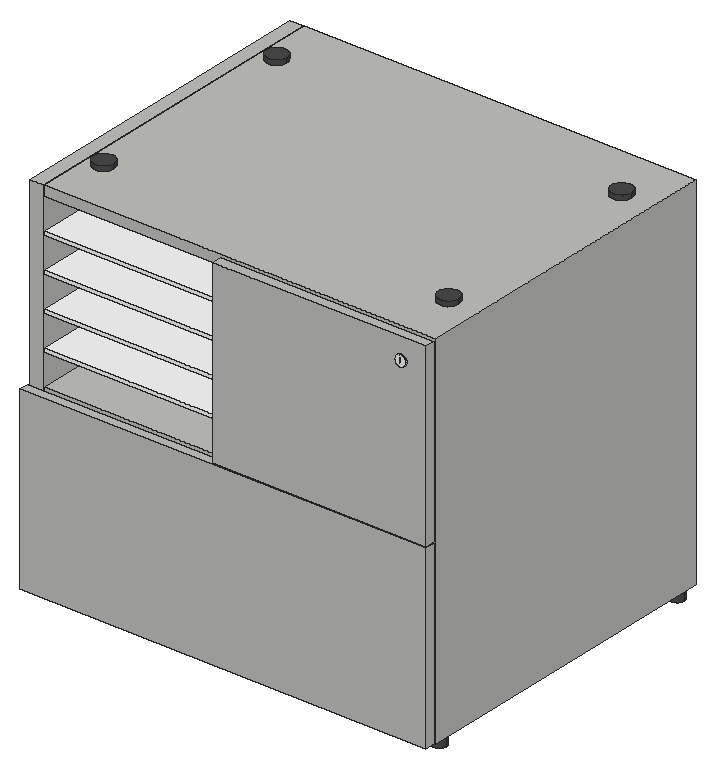
Revit family "Storage-Freestanding-Teknion-JNFCP-Combo_Pedestal-R2015", category Furniture, Revit 2016
Family settings
  OmniClass Number = 23.40.20.00
  OmniClass Title = General Furniture and Specialties
  Work Plane-Based = No
  Always vertical = Yes
  Cut with Voids When Loaded = No
  Shared = Yes
  Room Calculation Point = No
Parameters (values of type "Solid, Shelves, Files")
  Worksurface Offset Attachment [instance] = if(Depth = 18.000", 4.501", 2.250")  # 2.250"
  Warranty = "http://www.teknion.com/ca/papers/legal-canada"
  Unit Weight URL = "http://www.teknion.com/ca/tools/assets#&asset=bee6a381-b954-425e-8283-5a2de3a804f2,f828d448-4b62-4231-9e5f-9a8991c0ed77"
  URL = "www.teknion.com"
  Sustainability Data = "http://www.teknion.com/ca/tools/assets#&topic=216f99a5-57a0-44fc-b10a-9dee9b29ae4c&asset=444deb64-fe58-4b68-981e-f75e97781df7"
  Shelves Visibility = yes
  Shelf Finish [instance] = Mica - Teknion - V - Satin - Very White
  Series = "Cityline"  # constant formula
  Product Page URL = "https://www.teknion.com/ca/products/product-details?productlineid=9ad2a26e-8e7a-673b-a6c8-ff05004460c4"
  Product Line = "Cityline"  # constant formula
  Product Documentation Link = "https://www.teknion.com/pricing/expansion-cityline/pdfs/JNFCP_ppg.pdf"
  Part Number = "JNFCP"  # constant formula
  Model = "JNFCPSS_3028_"
  Manufacturer Phone = "416-661-3370"  # constant formula
  Manufacturer Fax = "416.661.4586"  # constant formula
  Manufacturer Contact Information = "http://www.teknion.com/ca/contactus"
  Manufacturer Address = "1150 Flint Road, Toronto, ON. M3J 2J5. Canada"  # constant formula
  Manufacturer = "Teknion"  # constant formula
  Front Finish = Source Laminate - Teknion - RV - Very White
  Front Drawer Thickness = 0.70079"
  Freestanding Application [instance] = not(Attached to Worksurface)  # no
  Description = "Combo Pedestal, Solid, Shelves, Files, 30\" Width, 28\" Height"
  Depth [instance] = 24.000"
  Case Finish [instance] = Source Laminate - Teknion - RV - Very White
  Available Depths [instance] = if(Freestanding Application, "24 inches.", "18, 24 inches.")  # "18, 24 inches."
  Attached to Worksurface [instance] = yes
  Assembly Code = "E2020200"
  Actual Depth [instance] = if(Depth = 24.000", 24.000", if(and(Depth = 18.000", Freestanding Application), 24.000", if(and(Depth = 18.000", Attached to Worksurface), 17.102", 17.102")))  # 24.000"
Types (5): name | Shelves Visibility | Model | Front Finish | Front Drawer Thickness | Description
  (no name) | yes | "JNFCPSS_3028_" | Source Laminate - Teknion - RV - Very White | 0.70079" | "Combo Pedestal, Solid, Shelves, Files, 30\" Width, 28\" Height"
  Solid, Open, Files | no | "JNFCPSO_3028_" | Source Laminate - Teknion - RV - Very White | 0.70079" | "Combo Pedestal, Solid, Open, Files, 30\" Width, 28\" Height"
  Solid, Shelves, Files | yes | "JNFCPSS_3028_" | Source Laminate - Teknion - RV - Very White | 0.70079" | "Combo Pedestal, Solid, Shelves, Files, 30\" Width, 28\" Height"
  Metal, Open, Files | no | "JNFCPMO_3028_" | Mica - Teknion - V - Satin - Very White | 0.118" | "Combo Pedestal, Metal, Open, Files, 30\" Width, 28\" Height"
  Metal, Shelves, Files | yes | "JNFCPMS_3028_" | Mica - Teknion - V - Satin - Very White | 0.118" | "Combo Pedestal, Metal, Shelves, Files, 30\" Width, 28\" Height"
Reference planes (in)
  plane 1 "Center Front/Back": y = 2.9838
  plane 2: z = 0
  plane 3 "Center Left/Right": x = 0
  plane 4 "Left": x = -15
  plane 5 "Right": x = 15
  plane 6 "Back": y = 14.9838
  plane 7 "Front": y = -9.0162
  plane 8 "Top": z = 27.48031
  plane 9: x = -13.98425
  plane 10: z = 0.60236
  plane 11: z = 14.10039
  plane 12: x = -0.81496
  plane 13: z = 26.74016
  plane 14: y = 14.24364
  plane 15: y = -9.21305
  plane 16: y = -9.91384
  plane 17: y = -9.9729
  plane 18: z = 13.98228
  plane 19: z = 24.15866
  plane 20: z = 24.42638
  plane 21: z = 25.15866
  plane 22: z = 21.57717
  plane 23: z = 21.84488
  plane 24: z = 22.57717
  plane 25: z = 18.99567
  plane 26: z = 19.26339
  plane 27: z = 19.99567
  plane 28: z = 16.41417
  plane 29: z = 16.68189
  plane 30: z = 17.41417
  plane 31: y = 7.346
  plane 32: y = 7.29876
  plane 33: z = 27.81031
  plane 34: z = 27.3622
  plane 35: z = 0.72047
  plane 36: x = -0.75591
Forms (in)
  Extrusion 1, solid, material "Source Laminate - Teknion - RV - Very White" <- "Case Finish"
    sketch origin (0, 0, 0) x (1, 0, 0) y (0, 1, 0)
      loop
        line (-13.98425, -9.0162) -> (-13.98425, 14.9838) -> (-15, 14.9838) -> (-15, -9.0162) -> (-13.98425, -9.0162)
    from 0.60236 to 27.48031
  Extrusion 2, solid, material "Source Laminate - Teknion - RV - Very White" <- "Case Finish"
    sketch origin (0, 2.9838, 0) x (1, 0, 0) y (0, 0, 1)
      loop
        line (-13.98425, 0.60236) -> (15, 0.60236) -> (15, 27.48031) -> (-13.98425, 27.48031) -> (-13.98425, 0.60236)
    from -12 to 12
  Extrusion 3, void
    sketch origin (0, 2.9838, 0) x (1, 0, 0) y (0, 0, 1)
      loop
        line (-0.81496, 26.74016) -> (-13.98425, 26.74016) -> (-13.98425, 14.10039) -> (-0.81496, 14.10039) -> (-0.81496, 26.74016)
    from -11.25984 to 12
  Extrusion 4, solid, material "Source Laminate - Teknion - RV - Very White" <- "Front Finish"
    sketch origin (0, 0, 0) x (1, 0, 0) y (0, 1, 0)
      loop
        line (-15, -9.21305) -> (-15, -9.91384) -> (15, -9.91384) -> (15, -9.21305) -> (-15, -9.21305)
    from 0.72047 to 13.98228
  Extrusion 5, solid, material "Paint - Teknion - C - Chrome"
    sketch origin (0, 2.9838, 0) x (1, 0, 0) y (0, 0, 1)
      loop
        line (13.2185, 25.97441) -> (13.12007, 25.97441) -> (13.12007, 25.60039) -> (13.2185, 25.60039) -> (13.2185, 25.97441)
      loop
        circle (13.16929, 25.7874) r 0.395
    from 12.95669 to 12.89764
  Extrusion 6, solid, material "Source Laminate - Teknion - RV - Very White" <- "Front Finish"
    sketch origin (0, 0, 0) x (1, 0, 0) y (0, 1, 0)
      loop
        line (-0.75591, -9.21305) -> (-0.75591, -9.91384) -> (15, -9.91384) -> (15, -9.21305) -> (-0.75591, -9.21305)
    from 14.10039 to 27.3622
  Extrusion 7, solid, material "Mica - Teknion - V - Satin - Very White" <- "Shelf Finish", visible <- "Shelves Visibility"
    sketch origin (0, 0, 0) x (0, 1, 0) y (0, 0, 1)
      loop
        line (7.29876, 25.15866) -> (7.29876, 24.42638) -> (-9.0162, 24.42638) -> (-9.0162, 24.15866) -> (7.346, 24.15866) -> (7.346, 25.15866) -> (7.29876, 25.15866)
      loop
        line (-9.0162, 21.57717) -> (7.346, 21.57717) -> (7.346, 22.57717) -> (7.29876, 22.57717) -> (7.29876, 21.84488) -> (-9.0162, 21.84488) -> (-9.0162, 21.57717)
      loop
        line (7.346, 19.99567) -> (7.29876, 19.99567) -> (7.29876, 19.26339) -> (-9.0162, 19.26339) -> (-9.0162, 18.99567) -> (7.346, 18.99567) -> (7.346, 19.99567)
      loop
        line (7.29876, 17.41417) -> (7.29876, 16.68189) -> (-9.0162, 16.68189) -> (-9.0162, 16.41417) -> (7.346, 16.41417) -> (7.346, 17.41417) -> (7.29876, 17.41417)
    from -13.98425 to -0.81496
  Extrusion 8, solid, material "Paint - Teknion - 52 - Ebony", visible <- "Attached to Worksurface"
    sketch origin (0, 0, 0) x (1, 0, 0) y (0, 1, 0)
      loop
        circle (-12.75, 10.98373) r 0.75
      loop
        circle (12.75, 10.98373) r 0.75
      loop
        circle (-12.75, -5.01614) r 0.75
      loop
        circle (12.75, -5.01614) r 0.75
    from 27.48031 to 27.81031
  Extrusion 9, solid, material "Paint - Teknion - 52 - Ebony"
    sketch origin (0, 0, 0) x (1, 0, 0) y (0, 1, 0)
      loop
        circle (14.48802, -8.01664) r 0.5
      loop
        circle (-14.48802, -8.01664) r 0.5
      loop
        circle (14.48802, 13.98423) r 0.5
      loop
        circle (-14.48802, 13.98423) r 0.5
    from 0 to 0.60236
Cuts and joins
  Extrusion 3 cuts Extrusion 1
  Extrusion 3 cuts Extrusion 2
Lines and regions (in)
  Masking region 1
    outline origin (0, 0, 0) x (1, 0, 0) y (0, 1, 0)
      loop
        line (-15, 14.9838) -> (-15, -9.0162) -> (15, -9.0162) -> (15, 14.9838) -> (-15, 14.9838)
  Masking region 2
    outline origin (0, 0, 0) x (1, 0, 0) y (0, 1, 0)
      loop
        line (-15, -9.21305) -> (-15, -9.91384) -> (15, -9.91384) -> (15, -9.21305) -> (-15, -9.21305)
  Masking region 3
    outline origin (0, 0, 0) x (1, 0, 0) y (0, 1, 0)
      loop
        line (12.77429, -9.9729) -> (13.56429, -9.9729) -> (13.56429, -9.91384) -> (12.77429, -9.91384) -> (12.77429, -9.9729)
  symbolic lines
    curve 1: line (-13.98425, 14.9838, 0) -> (-13.98425, -9.0162, 0)
    curve 22: line (-0.75591, -9.21305, 0) -> (-0.75591, -9.91384, 0)
  symbolic lines, style "FurnitureHiddenLines", detail levels fine
    curve 2: arc (-14.98802, -8.01664, 0) -> (-14.48802, -8.51664, 0) -> (-13.98802, -8.01664, 0) r 0.5
    curve 3: arc (-13.98802, -8.01664, 0) -> (-14.48802, -7.51664, 0) -> (-14.98802, -8.01664, 0) r 0.5
    curve 4: arc (-14.98802, 13.98423, 0) -> (-14.48802, 13.48423, 0) -> (-13.98802, 13.98423, 0) r 0.5
    curve 5: arc (-13.98802, 13.98423, 0) -> (-14.48802, 14.48423, 0) -> (-14.98802, 13.98423, 0) r 0.5
    curve 6: arc (13.98802, 13.98423, 0) -> (14.48802, 13.48423, 0) -> (14.98802, 13.98423, 0) r 0.5
    curve 7: arc (14.98802, 13.98423, 0) -> (14.48802, 14.48423, 0) -> (13.98802, 13.98423, 0) r 0.5
    curve 8: arc (13.98802, -8.01664, 0) -> (14.48802, -8.51664, 0) -> (14.98802, -8.01664, 0) r 0.5
    curve 9: arc (14.98802, -8.01664, 0) -> (14.48802, -7.51664, 0) -> (13.98802, -8.01664, 0) r 0.5
  symbolic lines, visible <- "Attached to Worksurface"
    curve 10: arc (-13.5, 10.98373, 0) -> (-12.75, 10.23373, 0) -> (-12, 10.98373, 0) r 0.75
    curve 11: arc (-12, 10.98373, 0) -> (-12.75, 11.73373, 0) -> (-13.5, 10.98373, 0) r 0.75
    curve 12: arc (12, 10.98373, 0) -> (12.75, 10.23373, 0) -> (13.5, 10.98373, 0) r 0.75
    curve 13: arc (13.5, 10.98373, 0) -> (12.75, 11.73373, 0) -> (12, 10.98373, 0) r 0.75
    curve 14: arc (-13.5, -5.01614, 0) -> (-12.75, -5.76614, 0) -> (-12, -5.01614, 0) r 0.75
    curve 15: arc (-12, -5.01614, 0) -> (-12.75, -4.26614, 0) -> (-13.5, -5.01614, 0) r 0.75
    curve 16: arc (12, -5.01614, 0) -> (12.75, -5.76614, 0) -> (13.5, -5.01614, 0) r 0.75
    curve 17: arc (13.5, -5.01614, 0) -> (12.75, -4.26614, 0) -> (12, -5.01614, 0) r 0.75
  symbolic lines, style "FurnitureHiddenLines", detail levels medium+fine
    curve 18: line (-0.81496, -9.0162, 0) -> (-0.81496, 14.24364, 0)
    curve 21: line (-0.81496, 14.24364, 0) -> (-13.98425, 14.24364, 0)
  symbolic lines, style "FurnitureHiddenLines", visible <- "Shelves Visibility", detail levels fine
    curve 19: line (-0.81496, 7.346, 0) -> (-13.98425, 7.346, 0)
    curve 20: line (-13.98425, 7.29876, 0) -> (-0.81496, 7.29876, 0)
Dimensions and locks (in)
  locked: plane 4 "Left" to plane 5 "Right" at 30
  "Actual Depth": plane 6 "Back" to plane 7 "Front"
  plane 8 "Top" to level = 27.48031"
  equal spacing: plane 7 "Front", plane 1 "Center Front/Back", plane 6 "Back"
  equal spacing: plane 4 "Left", plane 3 "Center Left/Right", plane 5 "Right"
  plane 2 to plane 10 to plane 35 = 0.60236" locked, 0.11811" locked
  locked: plane 11 to level at 14.10039
  plane 3 "Center Left/Right" to plane 36 to plane 12 = 0.75591" locked, 0.05905" locked
  plane 8 "Top" to plane 34 to plane 13 = 0.11811" locked, 0.62205" locked
  locked: plane 6 "Back" to plane 14 at 0.74016
  "Front Drawer Thickness": plane 15 to plane 16
  locked: plane 7 "Front" to plane 15 at 0.19685
  locked: plane 17 to plane 16 at 0.05906
  Extrusion 5 sketch curve to Extrusion 5 sketch curve to Extrusion 5 sketch curve to plane 5 "Right" = 0.04921" locked, 0.04921" locked, 1.7815" locked
  plane 8 "Top" to Extrusion 5 sketch curve to Extrusion 5 sketch curve to Extrusion 5 sketch curve = 1.50591" locked, 0.18701" locked, 0.18701" locked
  locked: plane 11 to plane 18 at 0.11811
  plane 31 to plane 32 to plane 7 "Front" = 0.04724" locked, 16.31496" locked
  plane 31 to cut or joined group of Extrusion 1, Extrusion 3 = 16.3622"
  plane 6 "Back" to Extrusion 8 sketch curve to Extrusion 8 sketch curve = 4.00007" locked, 0.000" locked
  plane 7 "Front" to Extrusion 8 sketch curve to Extrusion 8 sketch curve = 4.00007" locked, 0.000" locked
  locked: Extrusion 8 sketch curve to Extrusion 8 sketch curve  (x2)
  locked: plane 33 to plane 8 "Top" at 0.33
  locked: plane 6 "Back" to Extrusion 9 sketch curve at 0.99956  (x2)
  locked: plane 4 "Left" to Extrusion 9 sketch curve at 0.51198  (x2)
  locked: Extrusion 9 sketch curve to plane 5 "Right" at 0.51198  (x2)
  locked: plane 7 "Front" to Extrusion 9 sketch curve at 0.99956  (x2)
  Masking region 3 sketch curve to Masking region 3 sketch curve to plane 5 "Right" = 0.790" locked, 1.43571" locked
  locked: plane 4 "Left" to plane 9 at 1.01575
  plane 21 to plane 20 to plane 19 to plane 24 to plane 23 to plane 22 to plane 27 to plane 26 to plane 25 to plane 30 to plane 29 to plane 28 to level = 0.73228" locked, 0.26772" locked, 1.5815" locked, 0.73228" locked, 0.26772" locked, 1.5815" locked, 0.73228" locked, 0.26772" locked, 1.5815" locked, 0.73228" locked, 0.26772" locked, 16.41417" locked
  "Worksurface Offset Attachment": plane 4 "Left" to Extrusion 8 sketch curve
  "Worksurface Offset Attachment": Extrusion 8 sketch curve to plane 5 "Right"
  aligned and locked: level to plane 2
  aligned and locked: Extrusion 1 sketch curve to plane 9
  aligned and locked: Extrusion 1 sketch curve to plane 4 "Left"
  aligned and locked: Extrusion 1 sketch curve to plane 6 "Back"
  aligned and locked: Extrusion 1 sketch curve to plane 7 "Front"
  aligned and locked: plane 8 "Top" to Extrusion 1
  aligned and locked: plane 10 to Extrusion 1
  aligned and locked: Extrusion 2 sketch curve to plane 9
  aligned and locked: Extrusion 2 sketch curve to plane 8 "Top"
  aligned and locked: plane 5 "Right" to Extrusion 2 sketch curve
  aligned and locked: Extrusion 2 sketch curve to plane 10
  aligned and locked: Extrusion 3 sketch curve to plane 13
  aligned and locked: Extrusion 3 sketch curve to plane 12
  aligned and locked: Extrusion 3 sketch curve to plane 11
  aligned and locked: Extrusion 3 sketch curve to plane 9
  aligned and locked: plane 14 to Extrusion 3
  aligned and locked: plane 7 "Front" to Extrusion 3
  aligned and locked: plane 4 "Left" to Extrusion 4 sketch curve
  aligned and locked: Extrusion 4 sketch curve to plane 15
  aligned and locked: Extrusion 4 sketch curve to plane 16
  aligned and locked: plane 5 "Right" to Extrusion 4 sketch curve
  aligned and locked: plane 16 to Extrusion 5
  aligned and locked: plane 17 to Extrusion 5
  aligned and locked: Extrusion 6 sketch curve to plane 15
  aligned and locked: Extrusion 6 sketch curve to plane 16
  aligned and locked: plane 5 "Right" to Extrusion 6 sketch curve
  aligned and locked: Extrusion 6 to plane 11
  aligned and locked: Extrusion 4 to plane 18
  aligned and locked: cut or joined group of Extrusion 2, Extrusion 3 to plane 6 "Back"
  aligned and locked: plane 7 "Front" to cut or joined group of Extrusion 2, Extrusion 3
  aligned and locked: plane 19 to Extrusion 7 sketch curve
  aligned and locked: plane 20 to Extrusion 7 sketch curve
  aligned and locked: Extrusion 7 sketch curve to plane 7 "Front"  (x4)
  aligned and locked: plane 21 to Extrusion 7 sketch curve
  aligned and locked: plane 23 to Extrusion 7 sketch curve
  aligned and locked: plane 22 to Extrusion 7 sketch curve
  aligned and locked: plane 24 to Extrusion 7 sketch curve
  aligned and locked: plane 25 to Extrusion 7 sketch curve
  aligned and locked: plane 27 to Extrusion 7 sketch curve
  aligned and locked: plane 30 to Extrusion 7 sketch curve
  aligned and locked: plane 29 to Extrusion 7 sketch curve
  aligned and locked: plane 28 to Extrusion 7 sketch curve
  aligned and locked: plane 9 to Extrusion 7
  aligned and locked: plane 12 to Extrusion 7
  aligned and locked: plane 33 to Extrusion 8
  aligned and locked: Extrusion 8 to plane 8 "Top"
  aligned and locked: Extrusion 9 to plane 10
  aligned and locked: Extrusion 9 to plane 2
  aligned and locked: Masking region 1 sketch curve to plane 4 "Left"
  aligned and locked: Masking region 1 sketch curve to plane 6 "Back"
  aligned and locked: Masking region 1 sketch curve to plane 5 "Right"
  aligned and locked: Masking region 1 sketch curve to plane 7 "Front"
  aligned and locked: Masking region 2 sketch curve to plane 15
  aligned and locked: Masking region 2 sketch curve to plane 16
  aligned and locked: plane 4 "Left" to Masking region 2 sketch curve
  aligned and locked: plane 5 "Right" to Masking region 2 sketch curve
  aligned and locked: Masking region 3 sketch curve to plane 16
  aligned and locked: curve 2 to Extrusion 9
  aligned and locked: curve 3 to Extrusion 9
  aligned and locked: curve 4 to Extrusion 9
  aligned and locked: curve 5 to Extrusion 9
  aligned and locked: curve 6 to Extrusion 9
  aligned and locked: curve 7 to Extrusion 9
  aligned and locked: curve 8 to Extrusion 9
  aligned and locked: curve 9 to Extrusion 9
  aligned and locked: curve 10 to Extrusion 8
  aligned and locked: curve 11 to Extrusion 8
  aligned and locked: curve 12 to Extrusion 8
  aligned and locked: curve 13 to Extrusion 8
  aligned and locked: curve 14 to Extrusion 8
  aligned and locked: curve 15 to Extrusion 8
  aligned and locked: curve 16 to Extrusion 8
  aligned and locked: curve 17 to Extrusion 8
  aligned and locked: Extrusion 7 sketch curve to plane 32  (x4)
  aligned and locked: Extrusion 7 sketch curve to plane 31  (x4)
  aligned and locked: Extrusion 4 to plane 35
  aligned and locked: plane 34 to Extrusion 6
  aligned and locked: Extrusion 6 sketch curve to plane 36
  aligned and locked: curve 22 to plane 36
Automatic sketch dimensions
  plane 26 to Extrusion 7 sketch curve = 0.000"
  plane 17 to Masking region 3 sketch curve = 0.000"
  plane 16 to Extrusion 6 sketch curve = 0.000"
  plane 7 "Front" to curve 1 = 0.000"
  curve 1 to plane 9 = 0.000"
  curve 20 to plane 12 = 0.000"
  curve 22 to plane 15 = 0.000"
  plane 16 to curve 22 = 0.000"
  plane 7 "Front" to curve 18 = 0.000"
  plane 32 to curve 20 = 0.000"
  plane 31 to curve 19 = 0.000"
  curve 21 to plane 14 = 0.000"
  curve 1 to plane 6 "Back" = 0.000"
  radius of Extrusion 5 sketch curve = 0.395"
  radius of Extrusion 9 sketch curve = 0.500"  (x4)
  radius of Extrusion 8 sketch curve = 0.750"  (x4)
